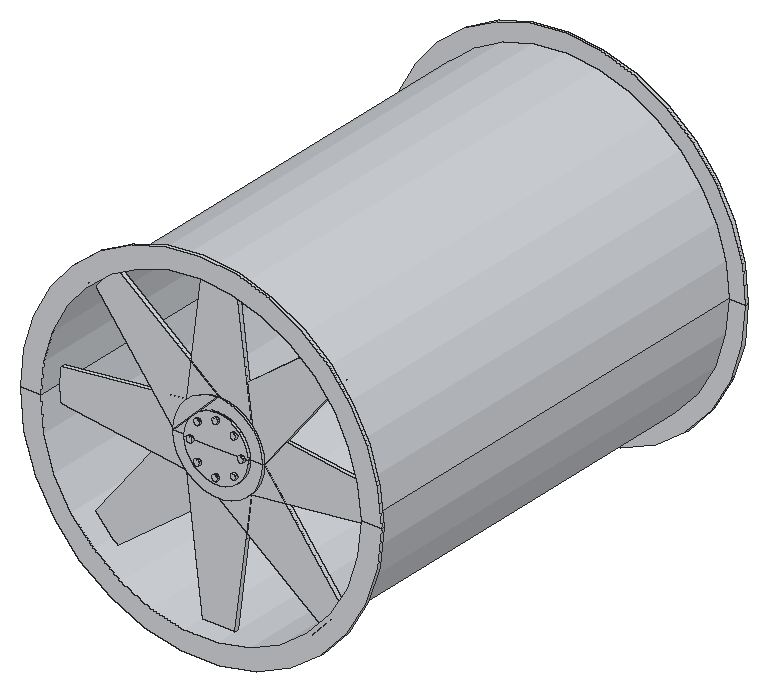
Revit family "CADS_Vent-Axia_MechEquip_Fan_BIFA_560_3Ph2P - SUPPLY", category Mechanical Equipment, Revit 2020
Family settings
  Round Connector Dimension = Use Diameter
  Part Type = Normal
  OmniClass Number = 23.75.00.00
  OmniClass Title = Climate Control (HVAC)
  Work Plane-Based = No
  Always vertical = Yes
  Cut with Voids When Loaded = No
  Shared = No
  Room Calculation Point = No
Parameters (values of type "BIFA563224")
  WorkingPressure = 0.0 Pa
  WarrantyStartDate [instance] = "1900-12-31T23:59:59"
  WarrantyPeriod = ""
  WarrantyIdentifier = "N/A"
  WarrantyGuarantorParts = "tech@vent-axia.com"
  WarrantyGuarantorLabor = "tech@vent-axia.com"
  WarrantyGuarantor = "Vent-Axia Limited"
  WarrantyEndDate [instance] = "1900-12-31T23:59:59"
  WarrantyContent = ""
  TemperatureRange = ""
  TagNumber [instance] = "N/A"
  SustainabilityPerformance = ""
  Status = "New"
  Size = ""
  Shape = ""
  ServiceLifeType = ""
  ServiceLifeDuration = ""
  SerialNumber [instance] = "N/A"
  ReplacementCost = ""
  RatedVoltage = 0 V
  RatedCurrent = 0 A
  Quantity = 1
  ProductionYear = ""
  PressureCurve = ""
  PowerFactor = ""
  PointOfContact = ""
  NumberOfPoles = 0
  NominalWidth = 560 mm
  NominalLength = 800 mm
  NominalHeight = 560 mm
  NominalFrequencyRange = ""
  NominalDiameter = 560 mm
  ModelReference = "BIF 560MM 3PH 2P 24DEG"
  ModelNumber = "BIFA563224"
  Material = ""
  ManufacturerE-Mail = "tech@vent-axia.com"
  ManufacturerAddress = "Fleming Way\nCrawley \nRH10 9YX"
  IsExtendedWarranty = no
  InsulationStandardClass = ""
  InstallationDate [instance] = "1900-12-31T23:59:59"
  IfcExportType [instance] = ""
  IfcExportAs = "IfcFanType"
  IP_Code = ""
  HasProtectiveEarth = no
  GrossWeight = 0.00 kg
  Grade = ""
  GlobalTradeItemNumber [instance] = "N/A"
  Fitting Type = "Ignore"
  Finish = ""
  Features = ""
  ExteriorInsulation = no
  ExpectedServiceLife = 0
  Exclusions = ""
  DurationUnit = "Year"
  Default Elevation = 0 mm
  Constituents = ""
  ConductorFunction = ""
  Color = ""
  CodePerformance = ""
  Category = ""
  CADS_Usage = 0
  CADS_Index = 0
  AssetType = "FIXED"
  AssetIdentifier [instance] = "N/A"
  AssemblyPlace = "UNKNOWN"
  ArticleNumber [instance] = "N/A"
  AirflowRateRange = 0.0 L/s
  Air Flow [instance] = 0.0 L/s
  AccessibilityPerformance = ""
Types (8, lengths in mm): name | ModelReference | ModelNumber
  BIFA563210 | "BIF 560MM 3PH 2P 10DEG" | "BIFA563210"
  BIFA563212 | "BIF 560MM 3PH 2P 12DEG" | "BIFA563212"
  BIFA563214 | "BIF 560MM 3PH 2P 14DEG" | "BIFA563214"
  BIFA563216 | "BIF 560MM 3PH 2P 16DEG" | "BIFA563216"
  BIFA563218 | "BIF 560MM 3PH 2P 18DEG" | "BIFA563218"
  BIFA563220 | "BIF 560MM 3PH 2P 20DEG" | "BIFA563220"
  BIFA563222 | "BIF 560MM 3PH 2P 22DEG" | "BIFA563222"
  BIFA563224 | "BIF 560MM 3PH 2P 24DEG" | "BIFA563224"
Reference planes
  plane 1 "Center (Front/Back)": y = 0
  plane 2: z = 0
  plane 3 "Center (Left/Right)": x = 0
  plane 4: x = -280
  plane 5: x = 280
  plane 6 "F": y = -400
  plane 7 "B": y = 400
  plane 8: x = -315
  plane 9: y = 395
  plane 10: y = -395
  plane 11: x = -285
  plane 12: y = -360
Forms (mm)
  Revolve 1, solid
    sketch origin (0, 0, 0) x (1, 0, 0) y (0, 1, 0)
      loop
        line (-315, -400) -> (-280, -400) -> (-280, 400) -> (-315, 400) -> (-315, 395) -> (-285, 395) -> (-285, -395) -> (-315, -395) -> (-315, -400)
      axis (0, 400) -> (0, -400)
    angle from 0 to 360
Dimensions and locks
  equal spacing: plane 4, plane 3 "Center (Left/Right)", plane 5
  equal spacing: plane 7 "B", plane 1 "Center (Front/Back)", plane 6 "F"
  "NominalLength": plane 7 "B" to plane 6 "F"
  "NominalDiameter": plane 4 to plane 5
  locked: plane 11 to plane 4 at 5
  locked: plane 8 to plane 11 at 30
  locked: plane 6 "F" to plane 10 at 5
  locked: plane 7 "B" to plane 9 at 5
  locked: plane 6 "F" to plane 12 at 40
  aligned and locked: level to plane 2
  aligned and locked: nested 1 to plane 12
Automatic sketch dimensions
  plane 6 "F" to Revolve 1 sketch curve = 0 mm
  Revolve 1 sketch curve to plane 8 = 0 mm  (x2)
  plane 10 to Revolve 1 sketch curve = 0 mm
  Revolve 1 sketch curve to plane 11 = 0 mm
  Revolve 1 sketch curve to plane 4 = 0 mm
  Revolve 1 sketch curve to plane 3 "Center (Left/Right)" = 0 mm
  plane 1 "Center (Front/Back)" to Revolve 1 sketch curve = 0 mm
  Revolve 1 sketch curve to plane 9 = 0 mm
  Revolve 1 sketch curve to plane 7 "B" = 0 mm
  plane 6 "F" to Revolve 1 sketch curve = 115 mm
Nested families
  nested 1: "Fan for BIFA" at (0, -360, 0), ND <- "NominalDiameter", type "Fan for BIFA"
    with hub 56 mm, ND 560 mm, BoltPCD 44.8 mm, Bolt Count 8, B_Diam 10 mm
  nested 2: "Bolts" at (0, -369.172, -44.8) x (-1, 0, 0) z (0, 1, 0), type "Bolts"
    with bd 10 mm
  nested 3: "Bolts" at (-31.678, -369.172, -31.678) x (-0.7071, 0, 0.7071) z (0, 1, 0), type "Bolts"
    with bd 10 mm
  nested 4: "Bolts" at (-44.8, -369.172, 0) x (0, 0, 1) z (0, 1, 0), type "Bolts"
    with bd 10 mm
  nested 5: "Bolts" at (-31.678, -369.172, 31.678) x (0.7071, 0, 0.7071) z (0, 1, 0), type "Bolts"
    with bd 10 mm
  nested 6: "Bolts" at (31.678, -369.172, 31.678) x (0.7071, 0, -0.7071) z (0, 1, 0), type "Bolts"
    with bd 10 mm
  nested 7: "Bolts" at (0, -369.172, 44.8) x (1, 0, 0) z (0, 1, 0), type "Bolts"
    with bd 10 mm
  nested 8: "BIFA Blade" at (0, -360, 0), type "BIFA Blade"
    with a 20.00°, HR 56 mm, HD 112 mm, BT 56 mm, BR 224 mm, BH 40 mm, BD 560 mm, BB 112 mm
  nested 9: "BIFA Blade" at (0, -360, 0) x (0.7071, 0, -0.7071) z (0.7071, 0, 0.7071), type "BIFA Blade"
    with a 20.00°, HR 56 mm, HD 112 mm, BT 56 mm, BR 224 mm, BH 40 mm, BD 560 mm, BB 112 mm
  nested 10: "BIFA Blade" at (0, -360, 0) x (0, 0, -1) z (1, 0, 0), type "BIFA Blade"
    with a 20.00°, HR 56 mm, HD 112 mm, BT 56 mm, BR 224 mm, BH 40 mm, BD 560 mm, BB 112 mm
  nested 11: "BIFA Blade" at (0, -360, 0) x (-0.7071, 0, -0.7071) z (0.7071, 0, -0.7071), type "BIFA Blade"
    with a 20.00°, HR 56 mm, HD 112 mm, BT 56 mm, BR 224 mm, BH 40 mm, BD 560 mm, BB 112 mm
  nested 12: "BIFA Blade" at (0, -360, 0) x (-1, 0, 0) z (0, 0, -1), type "BIFA Blade"
    with a 20.00°, HR 56 mm, HD 112 mm, BT 56 mm, BR 224 mm, BH 40 mm, BD 560 mm, BB 112 mm
  nested 13: "BIFA Blade" at (0, -360, 0) x (-0.7071, 0, -0.7071) z (-0.7071, 0, 0.7071), type "BIFA Blade"
    with a 20.00°, HR 56 mm, HD 112 mm, BT 56 mm, BR 224 mm, BH 40 mm, BD 560 mm, BB 112 mm
  nested 14: "BIFA Blade" at (0, -360, 0) x (0, 0, -1) z (-1, 0, 0), type "BIFA Blade"
    with a 20.00°, HR 56 mm, HD 112 mm, BT 56 mm, BR 224 mm, BH 40 mm, BD 560 mm, BB 112 mm
  nested 15: "BIFA Blade" at (0, -360, 0) x (0.7071, 0, -0.7071) z (-0.7071, 0, -0.7071), type "BIFA Blade"
    with a 20.00°, HR 56 mm, HD 112 mm, BT 56 mm, BR 224 mm, BH 40 mm, BD 560 mm, BB 112 mm
  nested 16: "Bolts" at (44.8, -369.172, 0) x (0, 0, -1) z (0, 1, 0), type "Bolts"
    with bd 10 mm
  nested 17: "Bolts" at (31.678, -369.172, -31.678) x (-0.7071, 0, -0.7071) z (0, 1, 0), type "Bolts"
    with bd 10 mm
Connectors
  hvac at (0, -400, 0), driven by "NominalDiameter", driven by "Air Flow"
    settings: on Revolve 1, index 1, duct flow 0.0 L/s, flow factor 0, pres drop 0.0 Pa, loss coef 0, conn angle 0.00°, conn width 304.8 mm, conn height 304.8 mm, conn diameter 560 mm, duct sys type 1, conn prof type 0, flow config 1, flow direction 1, loss method 0, conn ref index -1, conn util no, is conn primary yes, conn desc ""
  hvac at (0, 400, 0), driven by "NominalDiameter", driven by "Air Flow"
    settings: on Revolve 1, index 2, duct flow 0.0 L/s, flow factor 0, pres drop 0.0 Pa, loss coef 0, conn angle 0.00°, conn width 304.8 mm, conn height 304.8 mm, conn diameter 560 mm, duct sys type 1, conn prof type 0, flow config 0, flow direction 2, loss method 0, conn ref index -1, conn util no, is conn primary no, conn desc ""
Definition of nested family "Fan for BIFA"
  Parameters (values of type "Fan for BIFA")
    hub [instance] = ND / 10  # 50 mm
    ND [instance] = 500 mm
    Model = "."
    Default Elevation = 0 mm
    BoltPCD [instance] = hub - (hub * 0.2)  # 40 mm
    Bolt Count [instance] = if(hub < 50 mm, 6, 8)  # 8
    B_Diam [instance] = if(hub < 50 mm, 5 mm, 10 mm)  # 10 mm
  Reference planes
    plane 1 "Center (Front/Back)": y = 0
    plane 2: z = 0
    plane 3 "Center (Left/Right)": x = 0
    plane 4 "back": y = 20
    plane 5 "bolts": y = -9.172
    plane 6 "B": z = 50
    plane 7: x = -72.587
    plane 8: x = -50
    plane 9 "hubface": y = -6.172
  Forms (mm)
    Revolve 1, solid
      sketch origin (0, 0, 0) x (1, 0, 0) y (0, 1, 0)
        loop
          line (0, 20) -> (-50, 20) -> (-50, 10.504) -> (-72.587, 10.504) -> (-72.587, -2.597) -> (-50, -2.597) -> (-50, -6.172) -> (0, -6.172) -> (0, 20)
        axis (0, 20) -> (0, -6.172)
      angle from 0 to 360
    Extrusion 2, solid, not visible
      sketch origin (0, -6.347, -4) x (-1, 0, 0) y (0, 0, 1)
        loop
          circle (0, 84) r 5
      from 0 to 3
  Lines and regions (mm)
    symbolic lines
      curve 1: circle (0, -9.172, 0) r 40 normal (0, 1, 0)
    model lines, not visible
      curve 2: line (0, -6.347, 85) -> (0, -6.347, 75)
  Dimensions and locks
    "hub": plane 6 "B" to plane 2
    "hub": nested 3 to plane 3 "Center (Left/Right)"
    "hub": nested 4 to plane 3 "Center (Left/Right)"
    "hub": nested 5 to plane 3 "Center (Left/Right)"
    "hub": plane 3 "Center (Left/Right)" to nested 6
    "hub": Revolve 1 sketch curve to Revolve 1 sketch curve
    "hub": plane 3 "Center (Left/Right)" to nested 7
    "hub": plane 3 "Center (Left/Right)" to nested 8
    "hub": plane 3 "Center (Left/Right)" to nested 9
    "hub": plane 8 to plane 3 "Center (Left/Right)"
    plane 7 to plane 8 = 22.587 mm
    diameter of Extrusion 2 sketch curve = 10 mm
    "BoltPCD": radius of curve 1
    "BoltPCD": radius of radial array
    aligned and locked: level to plane 2
    aligned and locked: plane 6 "B" to nested 1
  Automatic sketch dimensions
    Revolve 1 sketch curve to plane 7 = 0 mm
    Revolve 1 sketch curve to plane 8 = 0 mm  (x2)
    Revolve 1 sketch curve to plane 3 "Center (Left/Right)" = 0 mm
    Revolve 1 sketch curve to plane 9 "hubface" = 0 mm
    plane 4 "back" to Revolve 1 sketch curve = 0 mm
    plane 1 "Center (Front/Back)" to Revolve 1 sketch curve = 2.597 mm
    plane 4 "back" to Revolve 1 sketch curve = 9.496 mm
    plane 4 "back" to Revolve 1 sketch curve = 5 mm
    Revolve 1 sketch curve to Revolve 1 sketch curve = 45 mm
    curve 1 to level = 0 mm
    curve 1 to plane 3 "Center (Left/Right)" = 0 mm
  Nested families
    nested 1: "BIFA Blade" at (0, 0, 25), BD <- "ND", HD <- "hub", type "BIFA Blade"
      with a 20.00°, HR 25 mm, HD 50 mm, BT 25 mm, BR 100 mm, BH 40 mm, BD 250 mm, BB 50 mm
    nested 2: "BIFA Blade" at (0, 0, 55), BD <- "ND", HD <- "hub", type "BIFA Blade", not visible
      with a 20.00°, HR 25 mm, HD 50 mm, BT 25 mm, BR 100 mm, BH 40 mm, BD 250 mm, BB 50 mm
    nested 3: "BIFA Blade" at (17.678, 0, 17.678) x (0.7071, 0, -0.7071) z (0.7071, 0, 0.7071), BD <- "ND", HD <- "hub", type "BIFA Blade"
      with a 20.00°, HR 25 mm, HD 50 mm, BT 25 mm, BR 100 mm, BH 40 mm, BD 250 mm, BB 50 mm
    nested 4: "BIFA Blade" at (25, 0, 0) x (0, 0, -1) z (1, 0, 0), BD <- "ND", HD <- "hub", type "BIFA Blade"
      with a 20.00°, HR 25 mm, HD 50 mm, BT 25 mm, BR 100 mm, BH 40 mm, BD 250 mm, BB 50 mm
    nested 5: "BIFA Blade" at (17.678, 0, -17.678) x (-0.7071, 0, -0.7071) z (0.7071, 0, -0.7071), BD <- "ND", HD <- "hub", type "BIFA Blade"
      with a 20.00°, HR 25 mm, HD 50 mm, BT 25 mm, BR 100 mm, BH 40 mm, BD 250 mm, BB 50 mm
    nested 6: "BIFA Blade" at (0, 0, -25) x (-1, 0, 0) z (0, 0, -1), BD <- "ND", HD <- "hub", type "BIFA Blade"
      with a 20.00°, HR 25 mm, HD 50 mm, BT 25 mm, BR 100 mm, BH 40 mm, BD 250 mm, BB 50 mm
    nested 7: "BIFA Blade" at (-17.678, 0, 17.678) x (-0.7071, 0, -0.7071) z (-0.7071, 0, 0.7071), BD <- "ND", HD <- "hub", type "BIFA Blade"
      with a 20.00°, HR 25 mm, HD 50 mm, BT 25 mm, BR 100 mm, BH 40 mm, BD 250 mm, BB 50 mm
    nested 8: "BIFA Blade" at (-25, 0, 0) x (0, 0, -1) z (-1, 0, 0), BD <- "ND", HD <- "hub", type "BIFA Blade"
      with a 20.00°, HR 25 mm, HD 50 mm, BT 25 mm, BR 100 mm, BH 40 mm, BD 250 mm, BB 50 mm
    nested 9: "BIFA Blade" at (-17.678, 0, -17.678) x (0.7071, 0, -0.7071) z (-0.7071, 0, -0.7071), BD <- "ND", HD <- "hub", type "BIFA Blade"
      with a 20.00°, HR 25 mm, HD 50 mm, BT 25 mm, BR 100 mm, BH 40 mm, BD 250 mm, BB 50 mm
    nested 10: "Bolts" at (0, -9.172, 40) x (1, 0, 0) z (0, 1, 0), bd <- "B_Diam", type "Bolts"
      with bd 10 mm
    nested 11: "Bolts" at (28.284, -9.172, 28.284) x (0.7071, 0, -0.7071) z (0, 1, 0), bd <- "B_Diam", type "Bolts"
      with bd 10 mm
    nested 12: "Bolts" at (-28.284, -9.172, 28.284) x (0.7071, 0, 0.7071) z (0, 1, 0), bd <- "B_Diam", type "Bolts"
      with bd 10 mm
    nested 13: "Bolts" at (-40, -9.172, 0) x (0, 0, 1) z (0, 1, 0), bd <- "B_Diam", type "Bolts"
      with bd 10 mm
    nested 14: "Bolts" at (-28.284, -9.172, -28.284) x (-0.7071, 0, 0.7071) z (0, 1, 0), bd <- "B_Diam", type "Bolts"
      with bd 10 mm
    nested 15: "Bolts" at (0, -9.172, -40) x (-1, 0, 0) z (0, 1, 0), bd <- "B_Diam", type "Bolts"
      with bd 10 mm
    nested 16: "Bolts" at (28.284, -9.172, -28.284) x (-0.7071, 0, -0.7071) z (0, 1, 0), bd <- "B_Diam", type "Bolts"
      with bd 10 mm
    nested 17: "Bolts" at (40, -9.172, 0) x (0, 0, -1) z (0, 1, 0), bd <- "B_Diam", type "Bolts"
      with bd 10 mm
  Definition of nested family "BIFA Blade"
    Parameters (values of type "BIFA Blade")
      a [instance] = 20.00°
      HR [instance] = HD / 2  # 30 mm
      HD [instance] = BD / 5  # 60 mm
      Default Elevation = 1219.2 mm
      BT [instance] = BD / 10  # 30 mm
      BR [instance] = (BD / 2) - HR  # 120 mm
      BH [instance] = 40 mm
      BD [instance] = 300 mm
      BB [instance] = BD / 5  # 60 mm
    Reference planes
      plane 1 "Center (Front/Back)": y = 0
      plane 2: z = 0
      plane 3 "Center (Left/Right)": x = 0
      plane 4 "Blade Bot": z = 30
      plane 5: x = -30
      plane 6: x = 30
      plane 7: x = -15
      plane 8: x = 15
    Forms (mm)
      Blend 1, solid
        base sketch origin (0, 0, 30) x (-1, 0, 0) y (0, -1, 0)
          loop
            line (30, 0) -> (-30, 0) -> (-30, -6) -> (30, -6) -> (30, 0)
        top sketch origin (0, 0, 30) x (-1, 0, 0) y (0, -1, 0)
          loop
            line (15, -6) -> (15, 0) -> (-15, 0) -> (-15, -6) -> (15, -6)
        from 0 to 120 <- "BR"
    Dimensions and locks
      "HR": plane 4 "Blade Bot" to level
      equal spacing: plane 8, plane 3 "Center (Left/Right)", plane 7
      "BT": plane 8 to plane 7
      equal spacing: plane 6, plane 3 "Center (Left/Right)", plane 5
      "BB": plane 6 to plane 5
      aligned and locked: level to plane 2
    Automatic sketch dimensions
      plane 1 "Center (Front/Back)" to Blend 1 sketch curve = 0 mm  (x2)
      Blend 1 sketch curve to plane 6 = 0 mm
      Blend 1 sketch curve to plane 5 = 0 mm
      Blend 1 sketch curve to plane 1 "Center (Front/Back)" = 6 mm  (x2)
      Blend 1 sketch curve to plane 8 = 0 mm
      Blend 1 sketch curve to plane 7 = 0 mm
  Definition of nested family "Bolts"
    Parameters
      bd [instance] = 10 mm
      Default Elevation = 1219.2 mm
    Reference planes
      plane 1 "Center (Front/Back)": y = 0
      plane 2: z = 0
      plane 3 "Center (Left/Right)": x = 0
    Forms (mm)
      Extrusion 1, solid
        sketch origin (0, 0, 0) x (1, 0, 0) y (0, 1, 0)
          loop
            line (-1219.2, 1219.2) -> (-1219.2, -1219.2) -> (1219.2, -1219.2) -> (1219.2, 1219.2) -> (-1219.2, 1219.2)
        from 0 to -304.8
      Extrusion 2, solid
        sketch origin (0, 0, 0) x (1, 0, 0) y (0, 1, 0)
          loop
            circle (0, 0) r 5
        from 0 to 3
    Dimensions and locks
      "bd": diameter of Extrusion 2 sketch curve
      aligned and locked: plane 2 to Extrusion 1
      aligned and locked: level to Extrusion 1
    Automatic sketch dimensions
      Extrusion 1 sketch curve to Extrusion 1 sketch curve = 2438.4 mm  (x2)
      plane 1 "Center (Front/Back)" to Extrusion 2 sketch curve = 0 mm
      Extrusion 2 sketch curve to plane 3 "Center (Left/Right)" = 0 mm
Definition of nested family "Bolts"
  Parameters
    bd [instance] = 10 mm
    Default Elevation = 1219.2 mm
  Reference planes
    plane 1 "Center (Front/Back)": y = 0
    plane 2: z = 0
    plane 3 "Center (Left/Right)": x = 0
  Forms (mm)
    Extrusion 1, solid
      sketch origin (0, 0, 0) x (1, 0, 0) y (0, 1, 0)
        loop
          line (-1219.2, 1219.2) -> (-1219.2, -1219.2) -> (1219.2, -1219.2) -> (1219.2, 1219.2) -> (-1219.2, 1219.2)
      from 0 to -304.8
    Extrusion 2, solid
      sketch origin (0, 0, 0) x (1, 0, 0) y (0, 1, 0)
        loop
          circle (0, 0) r 5
      from 0 to 3
  Dimensions and locks
    "bd": diameter of Extrusion 2 sketch curve
    aligned and locked: plane 2 to Extrusion 1
    aligned and locked: level to Extrusion 1
  Automatic sketch dimensions
    Extrusion 1 sketch curve to Extrusion 1 sketch curve = 2438.4 mm  (x2)
    plane 1 "Center (Front/Back)" to Extrusion 2 sketch curve = 0 mm
    Extrusion 2 sketch curve to plane 3 "Center (Left/Right)" = 0 mm
Definition of nested family "BIFA Blade"
  Parameters (values of type "BIFA Blade")
    a [instance] = 20.00°
    HR [instance] = HD / 2  # 30 mm
    HD [instance] = BD / 5  # 60 mm
    Default Elevation = 1219.2 mm
    BT [instance] = BD / 10  # 30 mm
    BR [instance] = (BD / 2) - HR  # 120 mm
    BH [instance] = 40 mm
    BD [instance] = 300 mm
    BB [instance] = BD / 5  # 60 mm
  Reference planes
    plane 1 "Center (Front/Back)": y = 0
    plane 2: z = 0
    plane 3 "Center (Left/Right)": x = 0
    plane 4 "Blade Bot": z = 30
    plane 5: x = -30
    plane 6: x = 30
    plane 7: x = -15
    plane 8: x = 15
  Forms (mm)
    Blend 1, solid
      base sketch origin (0, 0, 30) x (-1, 0, 0) y (0, -1, 0)
        loop
          line (30, 0) -> (-30, 0) -> (-30, -6) -> (30, -6) -> (30, 0)
      top sketch origin (0, 0, 30) x (-1, 0, 0) y (0, -1, 0)
        loop
          line (15, -6) -> (15, 0) -> (-15, 0) -> (-15, -6) -> (15, -6)
      from 0 to 120 <- "BR"
  Dimensions and locks
    "HR": plane 4 "Blade Bot" to level
    equal spacing: plane 8, plane 3 "Center (Left/Right)", plane 7
    "BT": plane 8 to plane 7
    equal spacing: plane 6, plane 3 "Center (Left/Right)", plane 5
    "BB": plane 6 to plane 5
    aligned and locked: level to plane 2
  Automatic sketch dimensions
    plane 1 "Center (Front/Back)" to Blend 1 sketch curve = 0 mm  (x2)
    Blend 1 sketch curve to plane 6 = 0 mm
    Blend 1 sketch curve to plane 5 = 0 mm
    Blend 1 sketch curve to plane 1 "Center (Front/Back)" = 6 mm  (x2)
    Blend 1 sketch curve to plane 8 = 0 mm
    Blend 1 sketch curve to plane 7 = 0 mm
